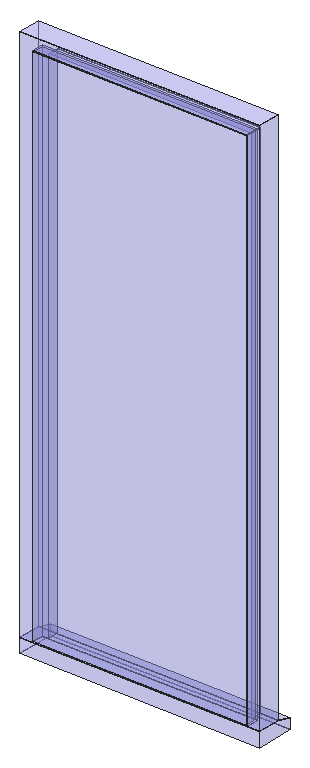
Revit family "bd14c7ff73c14280acffce4e3aa79879", category Doors, host Wall, Revit 2025
Family settings
  Host = Wall
  Always vertical = Yes
  Cut with Voids When Loaded = No
  Shared = No
  Room Calculation Point = No
Parameters (values of type "910x2110mm")
  Visual Light Transmittance = 0.9
  Type Comments = "External Single"
  Thickness = 44.0 mm
  Solar Heat Gain Coefficient = 0.86
  Rough Width = Width  # 910.0 mm
  Rough Height = Height  # 2110.0 mm
  Operation = "SingleSwingRight"
  Define Thermal Properties by = Schematic Type
  Construction Type Id = "SGL"
  Keynote = "L10"
  Heat Transfer Coefficient (U) = 5.5617 W/(m²·K)
  Function = Exterior
  FrameWidth = 42.0 mm
  FrameOffset - External = 25.0 mm
  Height = 2110.0 mm
  Material Door = Concept
  Material Frame = Concept
  Wall Closure = By host
  Width = 910.0 mm
  Assembly Code = ""
  Analytic Construction = "Large single-glazed windows"
Types (2, lengths in mm): name | Rough Width | Width
  910x2110mm | 910.0 | 910.0
  1010x2110mm | 1010.0 | 1010.0
Reference planes
  plane 1: y = 0
  plane 2 "Center L/R": x = 0
  plane 3 "Left": x = -455
  plane 4 "Right": x = 455
  plane 5 "Head Opening": z = 2110
  plane 6 "Exterior": y = 150
  plane 7 "Interior": y = -150
  plane 8 "ST left": x = -448.5
  plane 9 "ST right": x = 448.5
  plane 10 "Int frame left": x = -406.5
  plane 11 "Int frame right": x = 406.5
  plane 12 "RHS Leaf Edge": x = 403.5
  plane 13: z = 2103.5
  plane 14: z = 2061.5
  plane 15: z = 2058.5
  plane 16: y = 83
  plane 17 "LHS Leaf Edge": x = -403.5
  plane 18: z = 0
  plane 19: y = 80
  plane 20: y = 125
  plane 21: y = 36
  plane 22: y = 180
  plane 23: z = 58.5
  plane 24: z = 54.5
Forms (mm)
  Sweep 1, solid, material "Concept" <- "Material Frame"
    path origin (0, 125, 0) x (1, 0, 0) y (0, 0, 1)
      loop
        line (448.5, 54.5) -> (448.5, 2103.5) -> (-448.5, 2103.5) -> (-448.5, 54.5)
    profile origin (0, 0, 1079) x (-1, 0, 0) y (0, -1, 0)
      loop
        line (-455, -125) -> (-384.5, -125) -> (-384.5, -83) -> (-406.5, -83) -> (-406.5, -36) -> (-455, -36) -> (-455, -125)
  Extrusion 2, solid, material "Concept" <- "Material Door"
    sketch origin (0, 36, 0) x (1, 0, 0) y (0, 0, 1)
      loop
        line (-404.425, 58.5) -> (403.5, 58.5) -> (403.5, 2058.5) -> (-404.425, 2058.5) -> (-404.425, 58.5)
    from 0 to -44
  Extrusion 3, solid, material "Concept" <- "Material Frame"
    sketch origin (0, 0, 0) x (0, 1, 0) y (0, 0, 1)
      loop
        line (36, 54.5) -> (36, 0) -> (180, 0) -> (180, 38.595) -> (125, 54.5) -> (36, 54.5)
    from -455 to 455
Lines and regions (mm)
  Opening 1
    outline origin (-5000, -150, 0) x (1, 0, 0) y (0, 0, 1)
      loop
        line (5455, 2110) -> (4545, 2110) -> (4545, 0) -> (5455, 0) -> (5455, 2110)
  Masking region 1, detail levels medium+fine
    outline origin (0, 0, 0) x (1, 0, 0) y (0, 1, 0)
      loop
        line (359.5, 36) -> (359.5, -771) -> (403.5, -771) -> (403.5, 36) -> (359.5, 36)
  symbolic lines, style "Structural Opening", detail levels medium+fine
    curve 1: line (-455, 0, 0) -> (-455, 0, 2110)
    curve 2: line (-455, 0, 2110) -> (455, 0, 2110)
    curve 3: line (455, 0, 2110) -> (455, 0, 0)
    curve 4: line (-455, 0, 0) -> (455, 0, 0)
  symbolic lines, style "DoorsPanelProjection", detail levels medium+fine
    curve 5: line (403.5, 36, 0) -> (359.5, 36, 0)
    curve 7: line (359.5, -771, 0) -> (403.5, -771, 0)
    curve 8: line (359.5, 36, 0) -> (359.5, -771, 0)
  symbolic lines, style "DoorsPanelProjection"
    curve 6: line (403.5, -771, 0) -> (403.5, 36, 0)
  symbolic lines, style "Plan Swing"
    curve 9: arc (403.5, -771, 0) -> (-167.135, -534.635, 0) -> (-403.5, 36, 0) r 807
  symbolic lines, style "Threshold", detail levels medium+fine
    curve 10: line (403.5, 36, 0) -> (-403.5, 36, 0)
  symbolic lines, style "Elevation Swing"
    curve 11: line (-384.5, 0, 2039.5) -> (384.5, 0, 1047)
    curve 12: line (384.5, 0, 1047) -> (-384.5, 0, 54.5)
  symbolic lines, style "DoorsFrameMullionProjection", detail levels coarse
    curve 13: line (0, 125, 2110) -> (0, 125, 54.5)
    curve 14: line (0, 83, 54.5) -> (0, 83, 2061.5)
    curve 15: line (0, 125, 2039.5) -> (0, 83, 2039.5)
    curve 16: line (0, 83, 2061.5) -> (0, 36, 2061.5)
    curve 17: line (0, 36, 54.5) -> (0, 36, 2110)
  symbolic lines, style "DoorsPanelProjection", detail levels coarse
    curve 18: line (0, 80, 2058.5) -> (0, 80, 58.5)
    curve 19: line (0, 36, 2058.5) -> (0, 80, 2058.5)
    curve 20: line (0, 80, 58.5) -> (0, 36, 58.5)
  symbolic lines, style "Threshold", detail levels coarse
    curve 21: line (0, 180, 38.595) -> (0, 180, 0)
    curve 22: line (0, 125, 54.5) -> (0, 180, 38.595)
    curve 23: line (0, 36, 54.5) -> (0, 125, 54.5)
    curve 24: line (0, 36, 0) -> (0, 36, 54.5)
Text (mm)
  text "Exterior" at (-1796.445, 976.134, 0), in view "Ref. Level"
  text "Exterior" at (0, 1615.38, 2893.938), in view "Left"
  text "Exterior" at (0, 1036.032, 3874.932), in view "Right"
Dimensions and locks
  equal spacing: plane 3 "Left", plane 2 "Center L/R", plane 4 "Right"
  "Width": plane 3 "Left" to plane 4 "Right"
  "Height": level to plane 5 "Head Opening"
  locked: plane 6 "Exterior" to host wall
  locked: plane 7 "Interior" to host wall
  locked: plane 3 "Left" to plane 8 "ST left" at 6.5
  locked: plane 9 "ST right" to plane 4 "Right" at 6.5
  locked: plane 12 "RHS Leaf Edge" to plane 11 "Int frame right" at 3
  locked: plane 5 "Head Opening" to plane 13 at 6.5
  locked: plane 14 to plane 15 at 3
  locked: plane 21 to plane 19 at 44
  locked: plane 10 "Int frame left" to plane 17 "LHS Leaf Edge" at 3
  locked: plane 19 to plane 16 at 3
  locked: plane 21 to plane 20 at 89
  "FrameWidth": plane 8 "ST left" to plane 10 "Int frame left"
  "FrameWidth": plane 11 "Int frame right" to plane 9 "ST right"
  locked: curve 8 to plane 12 "RHS Leaf Edge" at 44
  "FrameOffset - External": plane 20 to plane 6 "Exterior"
  locked: plane 6 "Exterior" to plane 22 at 30
  locked: plane 24 to plane 23 at 4
  "FrameWidth": plane 13 to plane 14
  locked: plane 24 to plane 18 at 54.5
  locked: Sweep 1 sketch curve to plane 11 "Int frame right" at 22
  aligned and locked: plane 1 to host wall
  aligned and locked: plane 9 "ST right" to Sweep 1 sketch curve
  aligned and locked: plane 13 to Sweep 1 sketch curve
  aligned and locked: profile plane to plane 9 "ST right"
  aligned and locked: Sweep 1 sketch curve to plane 4 "Right"
  aligned and locked: Sweep 1 sketch curve to plane 16
  aligned and locked: plane 11 "Int frame right" to Sweep 1 sketch curve
  aligned and locked: plane 21 to Sweep 1 sketch curve
  aligned and locked: Sweep 1 sketch curve to plane 20
  aligned and locked: plane 15 to Extrusion 2 sketch curve
  aligned and locked: Extrusion 2 to plane 19
  aligned and locked: curve 5 to plane 21
  aligned and locked: plane 24 to Extrusion 3
  aligned and locked: Sweep 1 to Extrusion 3 sketch curve
  aligned and locked: plane 24 to Sweep 1 sketch curve  (x2)
  aligned and locked: plane 23 to Extrusion 2
  aligned and locked: host wall to Extrusion 3
  aligned and locked: Extrusion 3 to host wall
  aligned and locked: Masking region 1 sketch curve to curve 8
  aligned and locked: Masking region 1 sketch curve to curve 6
  aligned and locked: Masking region 1 sketch curve to curve 7
  aligned and locked: Masking region 1 sketch curve to curve 5
  aligned and locked: plane 4 "Right" to Opening 1 sketch curve
  aligned and locked: Opening 1 sketch curve to plane 3 "Left"
  aligned and locked: plane 5 "Head Opening" to Opening 1 sketch curve
Automatic sketch dimensions
  Extrusion 2 sketch curve to plane 12 "RHS Leaf Edge" = 0.0 mm
  level to Extrusion 2 sketch curve = 58.5 mm
  Extrusion 3 sketch curve to plane 21 = 0.0 mm
  Extrusion 3 sketch curve to plane 22 = 0.0 mm
  Extrusion 3 sketch curve to level = 0.0 mm
  Extrusion 3 sketch curve to plane 24 = 0.0 mm
  Extrusion 3 sketch curve to plane 24 = 15.905 mm
  Sweep 1 sketch curve to plane 8 "ST left" = 0.0 mm
  curve 1 to plane 3 "Left" = 0.0 mm
  curve 1 to plane 5 "Head Opening" = 0.0 mm
  curve 12 to plane 24 = 0.0 mm
  curve 4 to level = 0.0 mm
  plane 15 to curve 11 = 19.0 mm
  plane 12 "RHS Leaf Edge" to curve 11 = 19.0 mm
  curve 4 to plane 4 "Right" = 0.0 mm
  curve 13 to plane 5 "Head Opening" = 0.0 mm
  curve 17 to plane 5 "Head Opening" = 0.0 mm
  curve 21 to level = 0.0 mm
  curve 24 to level = 0.0 mm
  Opening 1 sketch curve to level = 0.0 mm
  curve 6 to plane 12 "RHS Leaf Edge" = 0.0 mm
  curve 9 to plane 17 "LHS Leaf Edge" = 0.0 mm
  plane 17 "LHS Leaf Edge" to Extrusion 2 sketch curve = 0.925 mm
  curve 11 to plane 23 = 988.5 mm
  curve 11 to plane 17 "LHS Leaf Edge" = 19.0 mm
  curve 12 to plane 17 "LHS Leaf Edge" = 19.0 mm
  curve 19 to plane 15 = 0.0 mm
  curve 19 to plane 21 = 0.0 mm
  curve 19 to plane 19 = 0.0 mm
  curve 14 to plane 14 = 0.0 mm
  curve 14 to plane 16 = 0.0 mm
  curve 13 to plane 20 = 0.0 mm
  curve 21 to plane 22 = 0.0 mm
  curve 14 to plane 24 = 0.0 mm
  curve 18 to plane 23 = 0.0 mm
  curve 21 to plane 24 = 15.905 mm
  plane 15 to curve 15 = 19.0 mm
